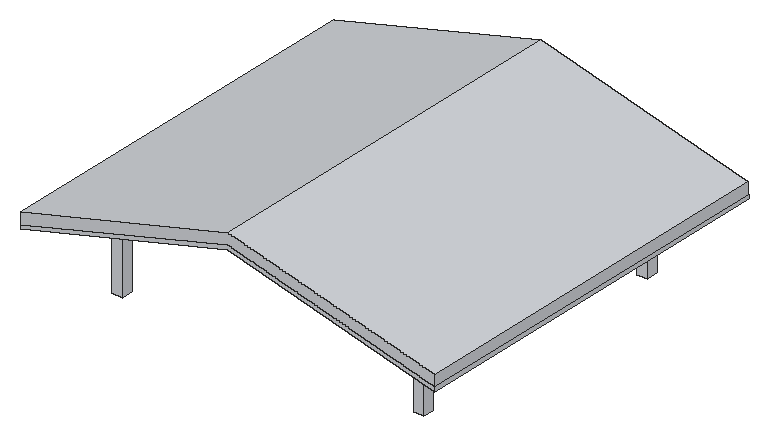
Revit family "ДэЗ_тип1 - Зонтик", category Обобщенные модели, Revit 2019
Family settings
  Может служить основой для арматурных стержней = Нет
  Размер круглого соединителя = Использовать диаметр
  Тип детали = Нормальный
  На основе рабочей плоскости = Нет
  Всегда вертикально = Да
  При загрузке вырезать с полостями = Нет
  Общий = Нет
  Точка расчета площади = Нет
Parameters
  Ширина зонта [instance] = 1140 mm
  М.Покрытие = none
  М.Конструктив = none
  Глубина зонта [instance] = 1080 mm
  Высота покрытия зонта [instance] = 150 mm
  Высота зонта [instance] = 362 mm
  t2 = 10 mm
  t1 = 30 mm
  a = 30 mm
  L2 [instance] = 740 mm
  L1 [instance] = 800 mm
Reference planes
  plane 1 "По центру (Вперед/Назад)": y = 0
  plane 2: z = 0
  plane 3 "По центру (Влево/Вправо)": x = 0
  plane 4: x = -570
  plane 5: x = 570
  plane 6: y = 540
  plane 7: y = -540
  plane 8: z = 362
  plane 9: z = 212
  plane 10: x = -400
  plane 11: x = 400
  plane 12: y = 370
  plane 13: y = -370
  plane 14: x = -430
  plane 15: x = 430
  plane 16: y = 400
  plane 17: y = -400
Forms (mm)
  Extrusion 1, solid, material <- "М.Покрытие"
    sketch origin (0, 0, 0) x (1, 0, 0) y (0, 0, 1)
      loop
        line (-570, 212) -> (-570, 180.979) -> (0, 330.979) -> (570, 180.979) -> (570, 212) -> (0, 362) -> (-570, 212)
    from -540 to 540
  Extrusion 2, solid, material <- "М.Конструктив"
    sketch origin (0, 0, 0) x (1, 0, 0) y (0, 0, 1)
      loop
        line (-570, 180.979) -> (-570, 170.638) -> (0, 320.638) -> (570, 170.638) -> (570, 180.979) -> (0, 330.979) -> (-570, 180.979)
    from -540 to 540
  Extrusion 3, solid, material <- "М.Конструктив"
    sketch origin (0, 0, 0) x (1, 0, 0) y (0, 1, 0)
      loop
        line (-430, 400) -> (-430, 370) -> (-400, 370) -> (-400, 400) -> (-430, 400)
      loop
        line (430, 370) -> (430, 400) -> (400, 400) -> (400, 370) -> (430, 370)
      loop
        line (430, -370) -> (400, -370) -> (400, -400) -> (430, -400) -> (430, -370)
      loop
        line (-430, -370) -> (-430, -400) -> (-400, -400) -> (-400, -370) -> (-430, -370)
    from 0 to 362
  Extrusion 4, void
    sketch origin (0, 0, 0) x (1, 0, 0) y (0, 0, 1)
      loop
        line (-570, 362) -> (-570, 170.638) -> (0, 320.638) -> (570, 170.638) -> (570, 362) -> (-570, 362)
    from -540 to 540
Cuts and joins
  Extrusion 4 cuts Extrusion 3
Lines and regions (mm)
  model lines, style "InvisibleLines", not visible
    curve 1: line (-570, 0, 212) -> (0, 0, 362)
    curve 2: line (0, 0, 362) -> (570, 0, 212)
    curve 3: line (-570, 0, 180.979) -> (0, 0, 330.979)
    curve 4: line (0, 0, 330.979) -> (570, 0, 180.979)
    curve 5: line (-570, 0, 170.638) -> (0, 0, 320.638)
    curve 6: line (0, 0, 320.638) -> (570, 0, 170.638)
Dimensions and locks
  "Ширина зонта": plane 4 to plane 5
  equal spacing: plane 4, plane 3 "По центру (Влево/Вправо)", plane 5
  equal spacing: plane 6, plane 1 "По центру (Вперед/Назад)", plane 7
  "Глубина зонта": plane 6 to plane 7
  "Высота зонта": plane 8 to level
  "Высота покрытия зонта": plane 8 to plane 9
  "t1": curve 3 to curve 1
  "t2": curve 5 to curve 3
  "t1": curve 4 to curve 2
  "t2": curve 6 to curve 4
  equal spacing: plane 11, plane 3 "По центру (Влево/Вправо)", plane 10
  "L1": plane 11 to plane 10
  "L2": plane 12 to plane 13
  equal spacing: plane 12, plane 1 "По центру (Вперед/Назад)", plane 13
  "a": plane 10 to plane 14
  "a": plane 11 to plane 15
  "a": plane 16 to plane 12
  "a": plane 13 to plane 17
  aligned and locked: level to plane 2
  aligned and locked: plane 3 "По центру (Влево/Вправо)" to curve 2
  aligned and locked: plane 8 to curve 2
  aligned and locked: plane 5 to curve 2
  aligned and locked: plane 9 to curve 2
  aligned and locked: plane 9 to curve 1
  aligned and locked: plane 4 to curve 1
  aligned and locked: plane 4 to curve 3
  aligned and locked: plane 4 to curve 5
  aligned and locked: plane 5 to curve 4
  aligned and locked: plane 5 to curve 6
  aligned and locked: plane 3 "По центру (Влево/Вправо)" to curve 5
  aligned and locked: plane 3 "По центру (Влево/Вправо)" to curve 3
  aligned and locked: Extrusion 1 sketch curve to plane 4
  aligned and locked: Extrusion 1 sketch curve to curve 1
  aligned and locked: Extrusion 1 sketch curve to curve 3
  aligned and locked: Extrusion 1 sketch curve to curve 2
  aligned and locked: Extrusion 1 sketch curve to curve 4
  aligned and locked: plane 5 to Extrusion 1 sketch curve
  aligned and locked: plane 6 to Extrusion 1
  aligned and locked: plane 7 to Extrusion 1
  aligned and locked: Extrusion 2 sketch curve to plane 4
  aligned and locked: Extrusion 2 sketch curve to curve 5
  aligned and locked: Extrusion 2 sketch curve to curve 3
  aligned and locked: Extrusion 2 sketch curve to curve 4
  aligned and locked: Extrusion 2 sketch curve to curve 6
  aligned and locked: plane 5 to Extrusion 2 sketch curve
  aligned and locked: plane 6 to Extrusion 2
  aligned and locked: plane 7 to Extrusion 2
  aligned and locked: Extrusion 3 sketch curve to plane 14
  aligned and locked: Extrusion 3 sketch curve to plane 10
  aligned and locked: Extrusion 3 sketch curve to plane 12
  aligned and locked: plane 11 to Extrusion 3 sketch curve
  aligned and locked: plane 13 to Extrusion 3 sketch curve
  aligned and locked: plane 17 to Extrusion 3 sketch curve
  aligned and locked: plane 15 to Extrusion 3 sketch curve
  aligned and locked: Extrusion 3 sketch curve to plane 16
  aligned and locked: plane 8 to Extrusion 3
  aligned and locked: Extrusion 4 sketch curve to plane 4
  aligned and locked: Extrusion 4 sketch curve to plane 8
  aligned and locked: plane 5 to Extrusion 4 sketch curve
  aligned and locked: Extrusion 4 sketch curve to curve 6
  aligned and locked: Extrusion 4 sketch curve to curve 5
  aligned and locked: plane 6 to Extrusion 4
  aligned and locked: plane 7 to Extrusion 4
Automatic sketch dimensions
  plane 16 to Extrusion 3 sketch curve = 0 mm
  Extrusion 3 sketch curve to plane 14 = 0 mm
  plane 12 to Extrusion 3 sketch curve = 0 mm
  Extrusion 3 sketch curve to plane 15 = 0 mm
  Extrusion 3 sketch curve to plane 11 = 0 mm
  Extrusion 3 sketch curve to plane 17 = 0 mm
  Extrusion 3 sketch curve to plane 13 = 0 mm
  Extrusion 3 sketch curve to plane 10 = 0 mm
